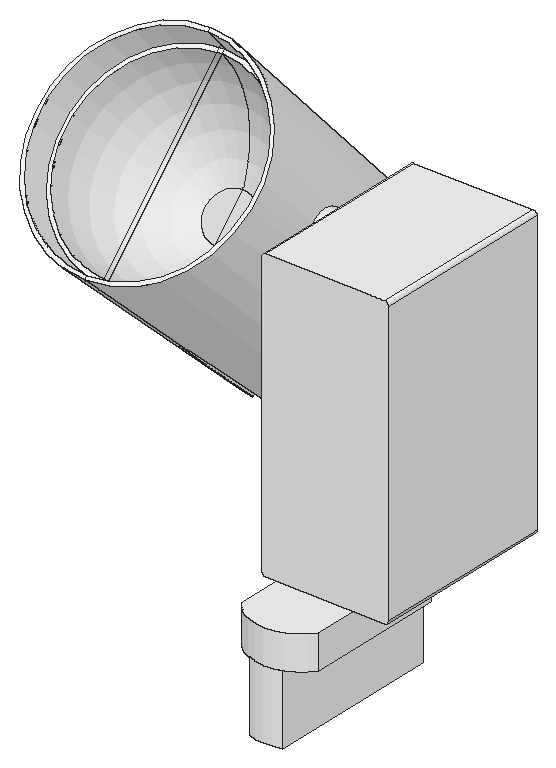
Revit family "0004859 Feilo Sylvania Lighting Fixture START TRACK SPOT S 14W 3K RA90 NB WHITE", category Lighting Fixtures, host Face, Revit 2017
Family settings
  Host = Face
  Round Connector Dimension = Use Diameter
  Part Type = Normal
  OmniClass Number = 23.80.70.00
  OmniClass Title = Lighting
  Cut with Voids When Loaded = No
  Light Source = No
  Shared = No
  Room Calculation Point = No
Parameters (values of type "0004859 START TRACK SPOT S 14W 3K RA90 NB WHITE")
  Weight = "0.94 kg"
  Wattage Comments = ""
  WarrantyStartDate [instance] = "n/a"
  WarrantyGuarantorParts = "n/a"
  WarrantyDurationUnit = "n/a"
  WarrantyDurationParts = "n/a"
  WarrantyDescription = "n/a"
  Voltage = 230 V
  URL = "http://www.sylvania-lighting.com"
  TypeName = "START TRACK SPOT S 14W 3K RA90 NB WHITE"
  TypeHead_FEILO = Start Track Spot Head : 0004859 START TRACK SPOT S 14W 3K RA90 NB WHITE
  TypeBox_FEILO = Start Track Spot Box : Type Small White
  Type Image = <None>
  Type Comments = "n/a"
  VerticalRotation_FEILO [instance] = 0.00°
  SlideEndAngle_FEILO [instance] = VerticalRotation_FEILO + 180.00°  # 180.00°
  SerialNumber [instance] = "n/a"
  Material_3_FEILO = none
  PowerFactor = 0.92
  PowerConsumption = "14 W"
  NominalLength = 0 mm
  NominalHeight = 200 mm
  NominalDepth = 140 mm
  Name = "START TRACK SPOT S 14W 3K RA90 NB WHITE"
  ModelReference = Name  # "START TRACK SPOT S 14W 3K RA90 NB WHITE"
  ModelNumber = "0004859"
  Model = Name  # "START TRACK SPOT S 14W 3K RA90 NB WHITE"
  Material = "adc12 aluminium housing, polycarbonate diffuser"
  ManufacturerName = "Feilo Sylvania"
  Manufacturer = "Feilo Sylvania"
  LuminousEfficacy = "92 lm/W"
  LuminaireType = ""
  LightOutputRatio = "100"
  LampsType = Lamp  # "LED"
  LampNominalLuminous = "1284 lm"
  LampMacAdamStep = "3"
  LampColourTemperature = "3000 K"
  LampColourRenderingIndex = "90"
  Lamp = "LED"
  Keynote = "16500"
  InstallationDate [instance] = "n/a"
  InputVoltage = "230-240V~"
  InputNominalFrequency = "50/60 Hz"
  IngressProtection = "IP20"
  ImpactProtectionIndex = "IK02"
  IfcExportType = "IfcLightFixtureType"
  IfcExportAs = "IfcLightFixtureType"
  HorizontalRotation_FEILO [instance] = 45.00°
  ExpectedLife = 50000
  ElectricShockClassification = "Class II"
  DurationUnit = "hours"
  DocumentationLiterature = "http://www.sylvania-lighting.com/product/en-int/products/0004859"
  DimmingControlOptions = "Non dimmable"
  Material_2_FEILO = none
  Description = "Integrated LED spotlight, Textured White - RAL9016, compact and minimalist design, ideal for retail applications, die-cast aluminium body, passive cooling heatsink. Beam angle: 12°, color temperature: 3000K , total system power: 14W, total fixture output: 1284 lm, LOR: 100%, colour rendering: Ra: 90 typical, LED Chromaticity: 3 step MacAdam ellipse, lifetime: >50000 hours at L70B50, energy class: A++, A+, A, IR/UV free light source without heat radiation, operating voltage: 220-240V / 50-60Hz, drive current: 350mA, electronic driver, non-dimmable, power factor: 0.92, electrical protection: Class II, Global Track 3 Phase adapter suitable for Global trac 3-circuit tracks, ingress protection rating: IP20, suitable for internal environment only, horizontal rotation: 355°, vertical tilt: 90°, dimensions: Ø86x140x200, weight: 0.940kg."
  Default Elevation = 1219.2 mm
  CreatedOn = "12/12/2017"
  CreatedBy = ""
  Cost = 0
  built-in parameter 1114216 [instance] = (empty or 0)
  ClassificationValue = "EF_70_80"
  ClassificationName = "Uniclass2015"
  Material_1_FEILO = Body-Sylvania-StartTrackSpot-White
  BarCode [instance] = "n/a"
  AssetType = "Fixed"
  AssetIdentifier [instance] = "n/a"
  Assembly Code = "D5020200"
  Apparent Load = 14 VA
  Material_4_FEILO = none
Reference planes
  plane 1 "Center (Front/Back)": y = 0
  plane 2: z = 0
  plane 3 "Center (Left/Right)": x = 0
  plane 4: x = 15
  plane 5: x = -15
  plane 6: y = 35
  plane 7: y = -35
  plane 8: z = 13
  plane 9: z = -27
  plane 10: x = 6.5
  plane 11: x = -6.5
  plane 12: y = 27
  plane 13: y = -27
  plane 14: y = 20
Forms (mm)
  Extrusion 1, solid, material "Body-Sylvania-StartTrackSpot-White" <- "Material_1_FEILO"
    sketch origin (0, 0, 0) x (1, 0, 0) y (0, 1, 0)
      loop
        line (-15, 27) -> (-15, -27)
        arc (-15, -27) -> (0, -35) -> (15, -27) r 18.062
        line (15, -27) -> (15, 27)
        arc (15, 27) -> (0, 35) -> (-15, 27) r 18.062
    from 0 to 13
  Extrusion 2, solid, material "Body-Sylvania-StartTrackSpot-White" <- "Material_1_FEILO"
    sketch origin (0, 0, 0) x (1, 0, 0) y (0, 1, 0)
      loop
        arc (6.5, 33.79) -> (0, 35) -> (-6.5, 33.79) r 18.062
        line (-6.5, 33.79) -> (-6.5, -33.79)
        arc (-6.5, -33.79) -> (0, -35) -> (6.5, -33.79) r 18.062
        line (6.5, -33.79) -> (6.5, 33.79)
    from 0 to -27
  Revolve 3, solid, not visible
    sketch origin (1524, 20, 1219.2) x (1, 0, 0) y (0, 0, 1)
      loop
        line (-1524, -1206.2) -> (-1524, -1191.285) -> (-1530.5, -1191.285) -> (-1530.5, -1206.2) -> (-1524, -1206.2)
      axis (-1524, -1191.285) -> (-1524, -1206.2)
    angle from 0 <- "VerticalRotation_FEILO" to 180 <- "SlideEndAngle_FEILO"
Cuts and joins
  joined: Extrusion 1, Extrusion 2
Dimensions and locks
  equal spacing: plane 10, plane 3 "Center (Left/Right)", plane 11
  equal spacing: plane 4, plane 3 "Center (Left/Right)", plane 5
  locked: plane 8 to plane 2 at 13
  locked: plane 8 to plane 9 at 40
  equal spacing: plane 13, plane 1 "Center (Front/Back)", plane 12
  locked: plane 12 to plane 6 at 8
  locked: plane 14 to plane 6 at 15
  locked: Revolve 3 sketch curve to plane 8 at 14.915
  aligned and locked: plane 2 to host face
  aligned and locked: level to host face
  aligned and locked: plane 5 to Extrusion 1 sketch curve  (x2)
  aligned and locked: plane 12 to Extrusion 1 sketch curve
  aligned and locked: plane 13 to Extrusion 1 sketch curve
  aligned and locked: plane 4 to Extrusion 1 sketch curve
  aligned and locked: Extrusion 1 to plane 8
  aligned and locked: Extrusion 1 to level
  aligned and locked: Extrusion 2 sketch curve to Extrusion 1  (x2)
  aligned and locked: Extrusion 2 sketch curve to plane 11
  aligned and locked: plane 10 to Extrusion 2 sketch curve
  aligned and locked: plane 9 to Extrusion 2
  aligned and locked: level to Extrusion 2
  aligned and locked: Revolve 3 sketch curve to plane 3 "Center (Left/Right)"  (x2)
  aligned and locked: plane 11 to Revolve 3 sketch curve
  aligned and locked: Revolve 3 sketch curve to plane 8
Automatic sketch dimensions
  host sketch curve to host sketch curve = 2438.4 mm  (x2)
  Extrusion 1 sketch curve to plane 3 "Center (Left/Right)" = 0 mm  (x2)
  Extrusion 1 sketch curve to plane 13 = 10.062 mm
  plane 12 to Extrusion 1 sketch curve = 10.062 mm
  Revolve 3 sketch curve to plane 3 "Center (Left/Right)" = 0 mm
  plane 9 to Revolve 3 sketch curve = 582.6 mm
  Revolve 3 sketch curve to Revolve 3 sketch curve = 2581.144 mm
Nested families
  nested 1: "Start Track Spot Head" at (-62, 20, 112.529) x (0, 0.7071, 0.7071) z (0, 0.7071, -0.7071), type <- "TypeHead_FEILO", type "0004859 START TRACK SPOT S 14W 3K RA90 NB WHITE"
    with built-in parameter 1114216 (empty or 0)
  nested 2: "Start Track Spot Box" at (8.5, 20, 73) x (-1, 0, 0) z (0, -1, 0), BoxStartAngle_FEILO <- "HorizontalRotation_FEILO", type <- "TypeBox_FEILO", type "Type Small White"
    with BoxStartAngle_FEILO 45.00°, BoxEndAngle_FEILO -135.00°
Connectors
  electrical at (0, 0, 0), driven by "Apparent Load", driven by "PowerFactor", driven by "Voltage"
    settings: index 1, voltage 230 V, apparent load 14 VA, apparent load phase1 0 VA, apparent load phase2 0 VA, apparent load phase3 0 VA, power factor 0.92, load classification "Lighting", number of poles 1, system type 30, power factor state 1, is connector primary yes, connector utility no, sub classification motor no, connector description ""
Definition of nested family "Start Track Spot Head"
  Parameters (values of type "0004811 START TRACK SPOT S 14W 3K RA80 NB WHITE")
    Wattage Comments = "n/a"
    Wattage = 14 W
    built-in parameter 1150110 = 1 (stored number, unit not read)
    URL = "http://www.feilosylvania.com"
    Type Image = (empty or 0)
    Type Comments = "n/a"
    built-in parameter 1114217 = 1 (stored number, unit not read)
    Tilt Angle = -90.00°
    built-in parameter 1150109 = 1 (stored number, unit not read)
    built-in parameter 1150134 = (empty or 0)
    built-in parameter 1150113 = 1 (stored number, unit not read)
    Photometric Web File = "0004811.ies"
    Material_3_FEILO = none
    Model = "START TRACK SPOT S 14W 3K RA80 NB WHITE"
    Manufacturer = "Feilo Sylvania"
    built-in parameter 1150105 = 123.66 (stored number, unit not read)
    Lumens = 1554 lm
    built-in parameter 1150115 = 1 (stored number, unit not read)
    built-in parameter 1150137 = (empty or 0)
    built-in parameter 1150139 = (empty or 0)
    built-in parameter 1150112 = 1 (stored number, unit not read)
    built-in parameter 1150114 = 1 (stored number, unit not read)
    Lamp = "LED"
    Keynote = "16500"
    Material_2_FEILO = none
    built-in parameter 1150132 = (empty or 0)
    built-in parameter 1150102 = (empty or 0)
    built-in parameter 1150107 = 3000 (stored number, unit not read)
    built-in parameter 1150138 = (empty or 0)
    built-in parameter 1150106 = 1.2366 (stored number, unit not read)
    HeadThickness_FEILO = if(HeadDiaOut_FEILO > 112 mm, 2 mm, 1.5 mm)  # 1.5 mm
    HeadRibOffset_FEILO = HeadHeight_FEILO / 28  # 4.179 mm
    HeadRibDepth_FEILO = HeadHeight_FEILO / 2.1  # 55.714 mm
    HeadRibCutWidth_FEILO = HeadDiaOut_FEILO / 12  # 7.167 mm
    HeadRibCutOffset_FEILO = HeadHeight_FEILO / 2.3  # 50.87 mm
    HeadReflectorRadius_FEILO = HeadDiaOut_FEILO / 1.7  # 50.588 mm
    HeadReflectorOffset_FEILO = HeadHeight_FEILO / 2.1  # 55.714 mm
    HeadLEDRadius_FEILO = HeadDiaOut_FEILO / 9  # 9.556 mm
    HeadHeight_FEILO = 117 mm
    HeadDraft_FEILO = 1 mm
    HeadDiffusorThickness_FEILO = 3 mm
    HeadDiffusorOffset_FEILO = HeadHeight_FEILO / 12.4  # 9.435 mm
    HeadDiaOut_FEILO = 86 mm
    HeadDiaIn_FEILO = HeadDiaOut_FEILO / 1.11  # 77.477 mm
    HeadAxisFromTop_FEILO = HeadHeight_FEILO / 1.687  # 69.354 mm
    Emit from Circle Diameter = HeadDiaIn_FEILO  # 77.477 mm
    Emit Shape Visible in Rendering = no
    built-in parameter 1150104 = 10.312 (stored number, unit not read)
    Dimming Lamp Color Temperature Shift = (empty or 0)
    Description = "Integrated LED spotlight, Textured White - RAL9016, compact and minimalist design, ideal for retail applications, die-cast aluminium body, passive cooling heatsink. Beam angle: 12°, color temperature: 3000K , total system power: 14W, total fixture output: 1551 lm, LOR: 100%, colour rendering: Ra: 80 typical, LED Chromaticity: 3 step MacAdam ellipse, lifetime: >50000 hours at L70B50, energy class: A++, A+, A, IR/UV free light source without heat radiation, operating voltage: 220-240V / 50-60Hz, drive current: 350mA, electronic driver, non-dimmable, power factor: 0.92, electrical protection: Class II, Global Track 3 Phase adapter suitable for Global trac 3-circuit tracks, ingress protection rating: IP20, suitable for internal environment only, horizontal rotation: 355°, vertical tilt: 90°, dimensions: Ø86x140x200, weight: 0.940kg."
    Default Elevation = 1219.2 mm
    Cost = 0
    Color Filter = 16777215
    built-in parameter 1114216 [instance] = (empty or 0)
    Material_1_FEILO = none
    built-in parameter 1114218 = 1 (stored number, unit not read)
    built-in parameter 1150133 = 10 (stored number, unit not read)
    Assembly Code = "D5020200"
    Apparent Load = 14 VA
    Material_4_FEILO = none
  Types (96, lengths in mm): name | Wattage | built-in parameter 1150134 | Photometric Web File | Model | built-in parameter 1150105 | Lumens | built-in parameter 1150107 | built-in parameter 1150106 | HeadThickness_FEILO | HeadRibOffset_FEILO | HeadRibDepth_FEILO | HeadRibCutWidth_FEILO | HeadRibCutOffset_FEILO | HeadReflectorRadius_FEILO | HeadReflectorOffset_FEILO | HeadLEDRadius_FEILO | HeadHeight_FEILO | HeadDiffusorOffset_FEILO | HeadDiaOut_FEILO | HeadDiaIn_FEILO | HeadAxisFromTop_FEILO | Emit from Circle Diameter | built-in parameter 1150104 | Description | Apparent Load
    0004906 START TRACK SPOT L 55W 4K RA90 WB BLACK | 55 W | 12 | "0004906.ies" | "START TRACK SPOT L 55W 4K RA90 WB BLACK" | 385.15 (stored number, unit not read) | 4840 lm | 4000 (stored number, unit not read) | 3.8515 (stored number, unit not read) | 2 | 4.429 | 59.048 | 9.417 | 53.913 | 66.471 | 59.048 | 12.556 | 124 | 10 | 113 | 101.802 | 73.503 | 101.802 | 8.1755 (stored number, unit not read) | "Integrated LED spotlight, Textured Black - RAL9005, compact and minimalist design, ideal for retail applications, die-cast aluminium body, passive cooling heatsink. Beam angle: 52°, color temperature: 4000K , total system power: 55W, total fixture output: 4824 lm, LOR: 100%, colour rendering: Ra: 90 typical, LED Chromaticity: 3 step MacAdam ellipse, lifetime: >50000 hours at L70B50, energy class: A++, A+, A, IR/UV free light source without heat radiation, operating voltage: 220-240V / 50-60Hz, drive current: 1400mA, electronic driver, non-dimmable, power factor: 0.96, electrical protection: Class II, Global Track 3 Phase adapter suitable for Global trac 3-circuit tracks, ingress protection rating: IP20, suitable for internal environment only, horizontal rotation: 355°, vertical tilt: 90°, dimensions: Ø113x164x240, weight: 1.398kg." | 55 VA
    0004905 START TRACK SPOT L 55W 4K RA90 MB BLACK | 55 W | 12 | "0004905.ies" | "START TRACK SPOT L 55W 4K RA90 MB BLACK" | 389.53 (stored number, unit not read) | 4895 lm | 4000 (stored number, unit not read) | 3.8953 (stored number, unit not read) | 2 | 4.429 | 59.048 | 9.417 | 53.913 | 66.471 | 59.048 | 12.556 | 124 | 10 | 113 | 101.802 | 73.503 | 101.802 | 8.2684 (stored number, unit not read) | "Integrated LED spotlight, Textured Black - RAL9005, compact and minimalist design, ideal for retail applications, die-cast aluminium body, passive cooling heatsink. Beam angle: 38°, color temperature: 4000K , total system power: 55W, total fixture output: 4897 lm, LOR: 100%, colour rendering: Ra: 90 typical, LED Chromaticity: 3 step MacAdam ellipse, lifetime: >50000 hours at L70B50, energy class: A++, A+, A, IR/UV free light source without heat radiation, operating voltage: 220-240V / 50-60Hz, drive current: 1400mA, electronic driver, non-dimmable, power factor: 0.96, electrical protection: Class II, Global Track 3 Phase adapter suitable for Global trac 3-circuit tracks, ingress protection rating: IP20, suitable for internal environment only, horizontal rotation: 355°, vertical tilt: 90°, dimensions: Ø113x164x240, weight: 1.398kg." | 55 VA
    0004904 START TRACK SPOT L 55W 4K RA90 NB BLACK | 55 W | 12 | "0004904.ies" | "START TRACK SPOT L 55W 4K RA90 NB BLACK" | 393.91 (stored number, unit not read) | 4950 lm | 4000 (stored number, unit not read) | 3.9391 (stored number, unit not read) | 2 | 4.429 | 59.048 | 9.417 | 53.913 | 66.471 | 59.048 | 12.556 | 124 | 10 | 113 | 101.802 | 73.503 | 101.802 | 8.3613 (stored number, unit not read) | "Integrated LED spotlight, Textured Black - RAL9005, compact and minimalist design, ideal for retail applications, die-cast aluminium body, passive cooling heatsink. Beam angle: 15°, color temperature: 4000K , total system power: 55W, total fixture output: 4965 lm, LOR: 100%, colour rendering: Ra: 90 typical, LED Chromaticity: 3 step MacAdam ellipse, lifetime: >50000 hours at L70B50, energy class: A++, A+, A, IR/UV free light source without heat radiation, operating voltage: 220-240V / 50-60Hz, drive current: 1400mA, electronic driver, non-dimmable, power factor: 0.96, electrical protection: Class II, Global Track 3 Phase adapter suitable for Global trac 3-circuit tracks, ingress protection rating: IP20, suitable for internal environment only, horizontal rotation: 355°, vertical tilt: 90°, dimensions: Ø113x164x240, weight: 1.398kg." | 55 VA
    0004903 START TRACK SPOT L 35W 4K RA90 WB BLACK | 35 W | 12 | "0004903.ies" | "START TRACK SPOT L 35W 4K RA90 WB BLACK" | 284.09 (stored number, unit not read) | 3570 lm | 4000 (stored number, unit not read) | 2.8409 (stored number, unit not read) | 2 | 4.429 | 59.048 | 9.417 | 53.913 | 66.471 | 59.048 | 12.556 | 124 | 10 | 113 | 101.802 | 73.503 | 101.802 | 9.4761 (stored number, unit not read) | "Integrated LED spotlight, Textured Black - RAL9005, compact and minimalist design, ideal for retail applications, die-cast aluminium body, passive cooling heatsink. Beam angle: 52°, color temperature: 4000K , total system power: 35W, total fixture output: 3562 lm, LOR: 100%, colour rendering: Ra: 90 typical, LED Chromaticity: 3 step MacAdam ellipse, lifetime: >50000 hours at L70B50, energy class: A++, A+, A, IR/UV free light source without heat radiation, operating voltage: 220-240V / 50-60Hz, drive current: 900mA, electronic driver, non-dimmable, power factor: 0.93, electrical protection: Class II, Global Track 3 Phase adapter suitable for Global trac 3-circuit tracks, ingress protection rating: IP20, suitable for internal environment only, horizontal rotation: 355°, vertical tilt: 90°, dimensions: Ø113x164x240, weight: 1.368kg." | 35 VA
    0004902 START TRACK SPOT L 35W 4K RA90 MB BLACK | 35 W | 12 | "0004902.ies" | "START TRACK SPOT L 35W 4K RA90 MB BLACK" | 286.88 (stored number, unit not read) | 3605 lm | 4000 (stored number, unit not read) | 2.8688 (stored number, unit not read) | 2 | 4.429 | 59.048 | 9.417 | 53.913 | 66.471 | 59.048 | 12.556 | 124 | 10 | 113 | 101.802 | 73.503 | 101.802 | 9.569 (stored number, unit not read) | "Integrated LED spotlight, Textured Black - RAL9005, compact and minimalist design, ideal for retail applications, die-cast aluminium body, passive cooling heatsink. Beam angle: 38°, color temperature: 4000K , total system power: 35W, total fixture output: 3616 lm, LOR: 100%, colour rendering: Ra: 90 typical, LED Chromaticity: 3 step MacAdam ellipse, lifetime: >50000 hours at L70B50, energy class: A++, A+, A, IR/UV free light source without heat radiation, operating voltage: 220-240V / 50-60Hz, drive current: 900mA, electronic driver, non-dimmable, power factor: 0.93, electrical protection: Class II, Global Track 3 Phase adapter suitable for Global trac 3-circuit tracks, ingress protection rating: IP20, suitable for internal environment only, horizontal rotation: 355°, vertical tilt: 90°, dimensions: Ø113x164x240, weight: 1.368kg." | 35 VA
    0004901 START TRACK SPOT L 35W 4K RA90 NB BLACK | 35 W | 12 | "0004901.ies" | "START TRACK SPOT L 35W 4K RA90 NB BLACK" | 286.88 (stored number, unit not read) | 3605 lm | 4000 (stored number, unit not read) | 2.8688 (stored number, unit not read) | 2 | 4.429 | 59.048 | 9.417 | 53.913 | 66.471 | 59.048 | 12.556 | 124 | 10 | 113 | 101.802 | 73.503 | 101.802 | 9.569 (stored number, unit not read) | "Integrated LED spotlight, Textured Black - RAL9005, compact and minimalist design, ideal for retail applications, die-cast aluminium body, passive cooling heatsink. Beam angle: 15°, color temperature: 4000K , total system power: 35W, total fixture output: 3593 lm, LOR: 100%, colour rendering: Ra: 90 typical, LED Chromaticity: 3 step MacAdam ellipse, lifetime: >50000 hours at L70B50, energy class: A++, A+, A, IR/UV free light source without heat radiation, operating voltage: 220-240V / 50-60Hz, drive current: 900mA, electronic driver, non-dimmable, power factor: 0.93, electrical protection: Class II, Global Track 3 Phase adapter suitable for Global trac 3-circuit tracks, ingress protection rating: IP20, suitable for internal environment only, horizontal rotation: 355°, vertical tilt: 90°, dimensions: Ø113x164x240, weight: 1.368kg." | 35 VA
    0004900 START TRACK SPOT S 24W 4K RA90 WB BLACK | 24 W | 12 | "0004900.ies" | "START TRACK SPOT S 24W 4K RA90 WB BLACK" | 166.16 (stored number, unit not read) | 2088 lm | 4000 (stored number, unit not read) | 1.6616 (stored number, unit not read) | 1.5 | 4.179 | 55.714 | 7.167 | 50.87 | 50.588 | 55.714 | 9.556 | 117 | 9.435 | 86 | 77.477 | 69.354 | 77.477 | 8.0826 (stored number, unit not read) | "Integrated LED spotlight, Textured Black - RAL9005, compact and minimalist design, ideal for retail applications, die-cast aluminium body, passive cooling heatsink. Beam angle: 64°, color temperature: 4000K , total system power: 24W, total fixture output: 2087 lm, LOR: 100%, colour rendering: Ra: 90 typical, LED Chromaticity: 3 step MacAdam ellipse, lifetime: >50000 hours at L70B50, energy class: A++, A+, A, IR/UV free light source without heat radiation, operating voltage: 220-240V / 50-60Hz, drive current: 600mA, electronic driver, non-dimmable, power factor: 0.95, electrical protection: Class II, Global Track 3 Phase adapter suitable for Global trac 3-circuit tracks, ingress protection rating: IP20, suitable for internal environment only, horizontal rotation: 355°, vertical tilt: 90°, dimensions: Ø86x140x200, weight: 0.966kg." | 24 VA
    0004899 START TRACK SPOT S 24W 4K RA90 MB BLACK | 24 W | 12 | "0004899.ies" | "START TRACK SPOT S 24W 4K RA90 MB BLACK" | 169.98 (stored number, unit not read) | 2136 lm | 4000 (stored number, unit not read) | 1.6998 (stored number, unit not read) | 1.5 | 4.179 | 55.714 | 7.167 | 50.87 | 50.588 | 55.714 | 9.556 | 117 | 9.435 | 86 | 77.477 | 69.354 | 77.477 | 8.2684 (stored number, unit not read) | "Integrated LED spotlight, Textured Black - RAL9005, compact and minimalist design, ideal for retail applications, die-cast aluminium body, passive cooling heatsink. Beam angle: 36°, color temperature: 4000K , total system power: 24W, total fixture output: 2141 lm, LOR: 100%, colour rendering: Ra: 90 typical, LED Chromaticity: 3 step MacAdam ellipse, lifetime: >50000 hours at L70B50, energy class: A++, A+, A, IR/UV free light source without heat radiation, operating voltage: 220-240V / 50-60Hz, drive current: 600mA, electronic driver, non-dimmable, power factor: 0.95, electrical protection: Class II, Global Track 3 Phase adapter suitable for Global trac 3-circuit tracks, ingress protection rating: IP20, suitable for internal environment only, horizontal rotation: 355°, vertical tilt: 90°, dimensions: Ø86x140x200, weight: 0.966kg." | 24 VA
    0004898 START TRACK SPOT S 24W 4K RA90 NB BLACK | 24 W | 12 | "0004898.ies" | "START TRACK SPOT S 24W 4K RA90 NB BLACK" | 171.89 (stored number, unit not read) | 2160 lm | 4000 (stored number, unit not read) | 1.7189 (stored number, unit not read) | 1.5 | 4.179 | 55.714 | 7.167 | 50.87 | 50.588 | 55.714 | 9.556 | 117 | 9.435 | 86 | 77.477 | 69.354 | 77.477 | 8.3613 (stored number, unit not read) | "Integrated LED spotlight, Textured Black - RAL9005, compact and minimalist design, ideal for retail applications, die-cast aluminium body, passive cooling heatsink. Beam angle: 12°, color temperature: 4000K , total system power: 24W, total fixture output: 2155 lm, LOR: 100%, colour rendering: Ra: 90 typical, LED Chromaticity: 3 step MacAdam ellipse, lifetime: >50000 hours at L70B50, energy class: A++, A+, A, IR/UV free light source without heat radiation, operating voltage: 220-240V / 50-60Hz, drive current: 600mA, electronic driver, non-dimmable, power factor: 0.95, electrical protection: Class II, Global Track 3 Phase adapter suitable for Global trac 3-circuit tracks, ingress protection rating: IP20, suitable for internal environment only, horizontal rotation: 355°, vertical tilt: 90°, dimensions: Ø86x140x200, weight: 0.966kg." | 24 VA
    0004897 START TRACK SPOT S 14W 4K RA90 WB BLACK | 14 W | 12 | "0004897.ies" | "START TRACK SPOT S 14W 4K RA90 WB BLACK" | 108.07 (stored number, unit not read) | 1358 lm | 4000 (stored number, unit not read) | 1.0807 (stored number, unit not read) | 1.5 | 4.179 | 55.714 | 7.167 | 50.87 | 50.588 | 55.714 | 9.556 | 117 | 9.435 | 86 | 77.477 | 69.354 | 77.477 | 9.0116 (stored number, unit not read) | "Integrated LED spotlight, Textured Black - RAL9005, compact and minimalist design, ideal for retail applications, die-cast aluminium body, passive cooling heatsink. Beam angle: 64°, color temperature: 4000K , total system power: 14W, total fixture output: 1352 lm, LOR: 100%, colour rendering: Ra: 90 typical, LED Chromaticity: 3 step MacAdam ellipse, lifetime: >50000 hours at L70B50, energy class: A++, A+, A, IR/UV free light source without heat radiation, operating voltage: 220-240V / 50-60Hz, drive current: 350mA, electronic driver, non-dimmable, power factor: 0.92, electrical protection: Class II, Global Track 3 Phase adapter suitable for Global trac 3-circuit tracks, ingress protection rating: IP20, suitable for internal environment only, horizontal rotation: 355°, vertical tilt: 90°, dimensions: Ø86x140x200, weight: 0.940kg." | 14 VA
    0004896 START TRACK SPOT S 14W 4K RA90 MB BLACK | 14 W | 12 | "0004896.ies" | "START TRACK SPOT S 14W 4K RA90 MB BLACK" | 108.07 (stored number, unit not read) | 1358 lm | 4000 (stored number, unit not read) | 1.0807 (stored number, unit not read) | 1.5 | 4.179 | 55.714 | 7.167 | 50.87 | 50.588 | 55.714 | 9.556 | 117 | 9.435 | 86 | 77.477 | 69.354 | 77.477 | 9.0116 (stored number, unit not read) | "Integrated LED spotlight, Textured Black - RAL9005, compact and minimalist design, ideal for retail applications, die-cast aluminium body, passive cooling heatsink. Beam angle: 36°, color temperature: 4000K , total system power: 14W, total fixture output: 1359 lm, LOR: 100%, colour rendering: Ra: 90 typical, LED Chromaticity: 3 step MacAdam ellipse, lifetime: >50000 hours at L70B50, energy class: A++, A+, A, IR/UV free light source without heat radiation, operating voltage: 220-240V / 50-60Hz, drive current: 350mA, electronic driver, non-dimmable, power factor: 0.92, electrical protection: Class II, Global Track 3 Phase adapter suitable for Global trac 3-circuit tracks, ingress protection rating: IP20, suitable for internal environment only, horizontal rotation: 355°, vertical tilt: 90°, dimensions: Ø86x140x200, weight: 0.940kg." | 14 VA
    0004895 START TRACK SPOT S 14W 4K RA90 NB BLACK | 14 W | 12 | "0004895.ies" | "START TRACK SPOT S 14W 4K RA90 NB BLACK" | 106.95 (stored number, unit not read) | 1344 lm | 4000 (stored number, unit not read) | 1.0695 (stored number, unit not read) | 1.5 | 4.179 | 55.714 | 7.167 | 50.87 | 50.588 | 55.714 | 9.556 | 117 | 9.435 | 86 | 77.477 | 69.354 | 77.477 | 8.9187 (stored number, unit not read) | "Integrated LED spotlight, Textured Black - RAL9005, compact and minimalist design, ideal for retail applications, die-cast aluminium body, passive cooling heatsink. Beam angle: 12°, color temperature: 4000K , total system power: 14W, total fixture output: 1349 lm, LOR: 100%, colour rendering: Ra: 90 typical, LED Chromaticity: 3 step MacAdam ellipse, lifetime: >50000 hours at L70B50, energy class: A++, A+, A, IR/UV free light source without heat radiation, operating voltage: 220-240V / 50-60Hz, drive current: 350mA, electronic driver, non-dimmable, power factor: 0.92, electrical protection: Class II, Global Track 3 Phase adapter suitable for Global trac 3-circuit tracks, ingress protection rating: IP20, suitable for internal environment only, horizontal rotation: 355°, vertical tilt: 90°, dimensions: Ø86x140x200, weight: 0.940kg." | 14 VA
    0004894 START TRACK SPOT L 55W 3K RA90 WB BLACK | 55 W | (empty or 0) | "0004894.ies" | "START TRACK SPOT L 55W 3K RA90 WB BLACK" | 350.14 (stored number, unit not read) | 4400 lm | 3000 (stored number, unit not read) | 3.5014 (stored number, unit not read) | 2 | 4.429 | 59.048 | 9.417 | 53.913 | 66.471 | 59.048 | 12.556 | 124 | 10 | 113 | 101.802 | 73.503 | 101.802 | 7.4322 (stored number, unit not read) | "Integrated LED spotlight, Textured Black - RAL9005, compact and minimalist design, ideal for retail applications, die-cast aluminium body, passive cooling heatsink. Beam angle: 52°, color temperature: 3000K , total system power: 55W, total fixture output: 4405 lm, LOR: 100%, colour rendering: Ra: 90 typical, LED Chromaticity: 3 step MacAdam ellipse, lifetime: >50000 hours at L70B50, energy class: A++, A+, A, IR/UV free light source without heat radiation, operating voltage: 220-240V / 50-60Hz, drive current: 1400mA, electronic driver, non-dimmable, power factor: 0.96, electrical protection: Class II, Global Track 3 Phase adapter suitable for Global trac 3-circuit tracks, ingress protection rating: IP20, suitable for internal environment only, horizontal rotation: 355°, vertical tilt: 90°, dimensions: Ø113x164x240, weight: 1.398kg." | 55 VA
    0004893 START TRACK SPOT L 55W 3K RA90 MB BLACK | 55 W | (empty or 0) | "0004893.ies" | "START TRACK SPOT L 55W 3K RA90 MB BLACK" | 354.52 (stored number, unit not read) | 4455 lm | 3000 (stored number, unit not read) | 3.5452 (stored number, unit not read) | 2 | 4.429 | 59.048 | 9.417 | 53.913 | 66.471 | 59.048 | 12.556 | 124 | 10 | 113 | 101.802 | 73.503 | 101.802 | 7.5251 (stored number, unit not read) | "Integrated LED spotlight, Textured Black - RAL9005, compact and minimalist design, ideal for retail applications, die-cast aluminium body, passive cooling heatsink. Beam angle: 38°, color temperature: 3000K , total system power: 55W, total fixture output: 4448 lm, LOR: 100%, colour rendering: Ra: 90 typical, LED Chromaticity: 3 step MacAdam ellipse, lifetime: >50000 hours at L70B50, energy class: A++, A+, A, IR/UV free light source without heat radiation, operating voltage: 220-240V / 50-60Hz, drive current: 1400mA, electronic driver, non-dimmable, power factor: 0.96, electrical protection: Class II, Global Track 3 Phase adapter suitable for Global trac 3-circuit tracks, ingress protection rating: IP20, suitable for internal environment only, horizontal rotation: 355°, vertical tilt: 90°, dimensions: Ø113x164x240, weight: 1.398kg." | 55 VA
    0004892 START TRACK SPOT L 55W 3K RA90 NB BLACK | 55 W | (empty or 0) | "0004892.ies" | "START TRACK SPOT L 55W 3K RA90 NB BLACK" | 350.14 (stored number, unit not read) | 4400 lm | 3000 (stored number, unit not read) | 3.5014 (stored number, unit not read) | 2 | 4.429 | 59.048 | 9.417 | 53.913 | 66.471 | 59.048 | 12.556 | 124 | 10 | 113 | 101.802 | 73.503 | 101.802 | 7.4322 (stored number, unit not read) | "Integrated LED spotlight, Textured Black - RAL9005, compact and minimalist design, ideal for retail applications, die-cast aluminium body, passive cooling heatsink. Beam angle: 15°, color temperature: 3000K , total system power: 55W, total fixture output: 4416 lm, LOR: 100%, colour rendering: Ra: 90 typical, LED Chromaticity: 3 step MacAdam ellipse, lifetime: >50000 hours at L70B50, energy class: A++, A+, A, IR/UV free light source without heat radiation, operating voltage: 220-240V / 50-60Hz, drive current: 1400mA, electronic driver, non-dimmable, power factor: 0.96, electrical protection: Class II, Global Track 3 Phase adapter suitable for Global trac 3-circuit tracks, ingress protection rating: IP20, suitable for internal environment only, horizontal rotation: 355°, vertical tilt: 90°, dimensions: Ø113x164x240, weight: 1.398kg." | 55 VA
    0004891 START TRACK SPOT L 35W 3K RA90 WB BLACK | 35 W | (empty or 0) | "0004891.ies" | "START TRACK SPOT L 35W 3K RA90 WB BLACK" | 259.02 (stored number, unit not read) | 3255 lm | 3000 (stored number, unit not read) | 2.5902 (stored number, unit not read) | 2 | 4.429 | 59.048 | 9.417 | 53.913 | 66.471 | 59.048 | 12.556 | 124 | 10 | 113 | 101.802 | 73.503 | 101.802 | 8.64 (stored number, unit not read) | "Integrated LED spotlight, Textured Black - RAL9005, compact and minimalist design, ideal for retail applications, die-cast aluminium body, passive cooling heatsink. Beam angle: 52°, color temperature: 3000K , total system power: 35W, total fixture output: 3260 lm, LOR: 100%, colour rendering: Ra: 90 typical, LED Chromaticity: 3 step MacAdam ellipse, lifetime: >50000 hours at L70B50, energy class: A++, A+, A, IR/UV free light source without heat radiation, operating voltage: 220-240V / 50-60Hz, drive current: 900mA, electronic driver, non-dimmable, power factor: 0.93, electrical protection: Class II, Global Track 3 Phase adapter suitable for Global trac 3-circuit tracks, ingress protection rating: IP20, suitable for internal environment only, horizontal rotation: 355°, vertical tilt: 90°, dimensions: Ø113x164x240, weight: 1.368kg." | 35 VA
    0004890 START TRACK SPOT L 35W 3K RA90 MB BLACK | 35 W | (empty or 0) | "0004890.ies" | "START TRACK SPOT L 35W 3K RA90 MB BLACK" | 261.81 (stored number, unit not read) | 3290 lm | 3000 (stored number, unit not read) | 2.6181 (stored number, unit not read) | 2 | 4.429 | 59.048 | 9.417 | 53.913 | 66.471 | 59.048 | 12.556 | 124 | 10 | 113 | 101.802 | 73.503 | 101.802 | 8.7329 (stored number, unit not read) | "Integrated LED spotlight, Textured Black - RAL9005, compact and minimalist design, ideal for retail applications, die-cast aluminium body, passive cooling heatsink. Beam angle: 38°, color temperature: 3000K , total system power: 35W, total fixture output: 3306 lm, LOR: 100%, colour rendering: Ra: 90 typical, LED Chromaticity: 3 step MacAdam ellipse, lifetime: >50000 hours at L70B50, energy class: A++, A+, A, IR/UV free light source without heat radiation, operating voltage: 220-240V / 50-60Hz, drive current: 900mA, electronic driver, non-dimmable, power factor: 0.93, electrical protection: Class II, Global Track 3 Phase adapter suitable for Global trac 3-circuit tracks, ingress protection rating: IP20, suitable for internal environment only, horizontal rotation: 355°, vertical tilt: 90°, dimensions: Ø113x164x240, weight: 1.368kg." | 35 VA
    0004889 START TRACK SPOT L 35W 3K RA90 NB BLACK | 35 W | (empty or 0) | "0004889.ies" | "START TRACK SPOT L 35W 3K RA90 NB BLACK" | 261.81 (stored number, unit not read) | 3290 lm | 3000 (stored number, unit not read) | 2.6181 (stored number, unit not read) | 2 | 4.429 | 59.048 | 9.417 | 53.913 | 66.471 | 59.048 | 12.556 | 124 | 10 | 113 | 101.802 | 73.503 | 101.802 | 8.7329 (stored number, unit not read) | "Integrated LED spotlight, Textured Black - RAL9005, compact and minimalist design, ideal for retail applications, die-cast aluminium body, passive cooling heatsink. Beam angle: 15°, color temperature: 3000K , total system power: 35W, total fixture output: 3287 lm, LOR: 100%, colour rendering: Ra: 90 typical, LED Chromaticity: 3 step MacAdam ellipse, lifetime: >50000 hours at L70B50, energy class: A++, A+, A, IR/UV free light source without heat radiation, operating voltage: 220-240V / 50-60Hz, drive current: 900mA, electronic driver, non-dimmable, power factor: 0.93, electrical protection: Class II, Global Track 3 Phase adapter suitable for Global trac 3-circuit tracks, ingress protection rating: IP20, suitable for internal environment only, horizontal rotation: 355°, vertical tilt: 90°, dimensions: Ø113x164x240, weight: 1.368kg." | 35 VA
    0004888 START TRACK SPOT S 24W 3K RA90 WB BLACK | 24 W | (empty or 0) | "0004888.ies" | "START TRACK SPOT S 24W 3K RA90 WB BLACK" | 152.79 (stored number, unit not read) | 1920 lm | 3000 (stored number, unit not read) | 1.5279 (stored number, unit not read) | 1.5 | 4.179 | 55.714 | 7.167 | 50.87 | 50.588 | 55.714 | 9.556 | 117 | 9.435 | 86 | 77.477 | 69.354 | 77.477 | 7.4322 (stored number, unit not read) | "Integrated LED spotlight, Textured Black - RAL9005, compact and minimalist design, ideal for retail applications, die-cast aluminium body, passive cooling heatsink. Beam angle: 64°, color temperature: 3000K , total system power: 24W, total fixture output: 1928 lm, LOR: 100%, colour rendering: Ra: 90 typical, LED Chromaticity: 3 step MacAdam ellipse, lifetime: >50000 hours at L70B50, energy class: A++, A+, A, IR/UV free light source without heat radiation, operating voltage: 220-240V / 50-60Hz, drive current: 600mA, electronic driver, non-dimmable, power factor: 0.95, electrical protection: Class II, Global Track 3 Phase adapter suitable for Global trac 3-circuit tracks, ingress protection rating: IP20, suitable for internal environment only, horizontal rotation: 355°, vertical tilt: 90°, dimensions: Ø86x140x200, weight: 0.966kg." | 24 VA
    0004887 START TRACK SPOT S 24W 3K RA90 MB BLACK | 24 W | (empty or 0) | "0004887.ies" | "START TRACK SPOT S 24W 3K RA90 MB BLACK" | 154.7 (stored number, unit not read) | 1944 lm | 3000 (stored number, unit not read) | 1.547 (stored number, unit not read) | 1.5 | 4.179 | 55.714 | 7.167 | 50.87 | 50.588 | 55.714 | 9.556 | 117 | 9.435 | 86 | 77.477 | 69.354 | 77.477 | 7.5251 (stored number, unit not read) | "Integrated LED spotlight, Textured Black - RAL9005, compact and minimalist design, ideal for retail applications, die-cast aluminium body, passive cooling heatsink. Beam angle: 36°, color temperature: 3000K , total system power: 24W, total fixture output: 1944 lm, LOR: 100%, colour rendering: Ra: 90 typical, LED Chromaticity: 3 step MacAdam ellipse, lifetime: >50000 hours at L70B50, energy class: A++, A+, A, IR/UV free light source without heat radiation, operating voltage: 220-240V / 50-60Hz, drive current: 600mA, electronic driver, non-dimmable, power factor: 0.95, electrical protection: Class II, Global Track 3 Phase adapter suitable for Global trac 3-circuit tracks, ingress protection rating: IP20, suitable for internal environment only, horizontal rotation: 355°, vertical tilt: 90°, dimensions: Ø86x140x200, weight: 0.966kg." | 24 VA
    0004886 START TRACK SPOT S 24W 3K RA90 NB BLACK | 24 W | (empty or 0) | "0004886.ies" | "START TRACK SPOT S 24W 3K RA90 NB BLACK" | 158.52 (stored number, unit not read) | 1992 lm | 3000 (stored number, unit not read) | 1.5852 (stored number, unit not read) | 1.5 | 4.179 | 55.714 | 7.167 | 50.87 | 50.588 | 55.714 | 9.556 | 117 | 9.435 | 86 | 77.477 | 69.354 | 77.477 | 7.711 (stored number, unit not read) | "Integrated LED spotlight, Textured Black - RAL9005, compact and minimalist design, ideal for retail applications, die-cast aluminium body, passive cooling heatsink. Beam angle: 12°, color temperature: 3000K , total system power: 24W, total fixture output: 1987 lm, LOR: 100%, colour rendering: Ra: 90 typical, LED Chromaticity: 3 step MacAdam ellipse, lifetime: >50000 hours at L70B50, energy class: A++, A+, A, IR/UV free light source without heat radiation, operating voltage: 220-240V / 50-60Hz, drive current: 600mA, electronic driver, non-dimmable, power factor: 0.95, electrical protection: Class II, Global Track 3 Phase adapter suitable for Global trac 3-circuit tracks, ingress protection rating: IP20, suitable for internal environment only, horizontal rotation: 355°, vertical tilt: 90°, dimensions: Ø86x140x200, weight: 0.966kg." | 24 VA
    0004885 START TRACK SPOT S 14W 3K RA90 WB BLACK | 14 W | (empty or 0) | "0004885.ies" | "START TRACK SPOT S 14W 3K RA90 WB BLACK" | 100.27 (stored number, unit not read) | 1260 lm | 3000 (stored number, unit not read) | 1.0027 (stored number, unit not read) | 1.5 | 4.179 | 55.714 | 7.167 | 50.87 | 50.588 | 55.714 | 9.556 | 117 | 9.435 | 86 | 77.477 | 69.354 | 77.477 | 8.3613 (stored number, unit not read) | "Integrated LED spotlight, Textured Black - RAL9005, compact and minimalist design, ideal for retail applications, die-cast aluminium body, passive cooling heatsink. Beam angle: 64°, color temperature: 3000K , total system power: 14W, total fixture output: 1262 lm, LOR: 100%, colour rendering: Ra: 90 typical, LED Chromaticity: 3 step MacAdam ellipse, lifetime: >50000 hours at L70B50, energy class: A++, A+, A, IR/UV free light source without heat radiation, operating voltage: 220-240V / 50-60Hz, drive current: 350mA, electronic driver, non-dimmable, power factor: 0.92, electrical protection: Class II, Global Track 3 Phase adapter suitable for Global trac 3-circuit tracks, ingress protection rating: IP20, suitable for internal environment only, horizontal rotation: 355°, vertical tilt: 90°, dimensions: Ø86x140x200, weight: 0.940kg." | 14 VA
    0004884 START TRACK SPOT S 14W 3K RA90 MB BLACK | 14 W | (empty or 0) | "0004884.ies" | "START TRACK SPOT S 14W 3K RA90 MB BLACK" | 100.27 (stored number, unit not read) | 1260 lm | 3000 (stored number, unit not read) | 1.0027 (stored number, unit not read) | 1.5 | 4.179 | 55.714 | 7.167 | 50.87 | 50.588 | 55.714 | 9.556 | 117 | 9.435 | 86 | 77.477 | 69.354 | 77.477 | 8.3613 (stored number, unit not read) | "Integrated LED spotlight, Textured Black - RAL9005, compact and minimalist design, ideal for retail applications, die-cast aluminium body, passive cooling heatsink. Beam angle: 36°, color temperature: 3000K , total system power: 14W, total fixture output: 1262 lm, LOR: 100%, colour rendering: Ra: 90 typical, LED Chromaticity: 3 step MacAdam ellipse, lifetime: >50000 hours at L70B50, energy class: A++, A+, A, IR/UV free light source without heat radiation, operating voltage: 220-240V / 50-60Hz, drive current: 350mA, electronic driver, non-dimmable, power factor: 0.92, electrical protection: Class II, Global Track 3 Phase adapter suitable for Global trac 3-circuit tracks, ingress protection rating: IP20, suitable for internal environment only, horizontal rotation: 355°, vertical tilt: 90°, dimensions: Ø86x140x200, weight: 0.940kg." | 14 VA
    0004883 START TRACK SPOT S 14W 3K RA90 NB BLACK | 14 W | (empty or 0) | "0004883.ies" | "START TRACK SPOT S 14W 3K RA90 NB BLACK" | 102.5 (stored number, unit not read) | 1288 lm | 3000 (stored number, unit not read) | 1.025 (stored number, unit not read) | 1.5 | 4.179 | 55.714 | 7.167 | 50.87 | 50.588 | 55.714 | 9.556 | 117 | 9.435 | 86 | 77.477 | 69.354 | 77.477 | 8.5471 (stored number, unit not read) | "Integrated LED spotlight, Textured Black - RAL9005, compact and minimalist design, ideal for retail applications, die-cast aluminium body, passive cooling heatsink. Beam angle: 12°, color temperature: 3000K , total system power: 14W, total fixture output: 1284 lm, LOR: 100%, colour rendering: Ra: 90 typical, LED Chromaticity: 3 step MacAdam ellipse, lifetime: >50000 hours at L70B50, energy class: A++, A+, A, IR/UV free light source without heat radiation, operating voltage: 220-240V / 50-60Hz, drive current: 350mA, electronic driver, non-dimmable, power factor: 0.92, electrical protection: Class II, Global Track 3 Phase adapter suitable for Global trac 3-circuit tracks, ingress protection rating: IP20, suitable for internal environment only, horizontal rotation: 355°, vertical tilt: 90°, dimensions: Ø86x140x200, weight: 0.940kg." | 14 VA
    0004882 START TRACK SPOT L 55W 4K RA90 WB WHITE | 55 W | 12 | "0004882.ies" | "START TRACK SPOT L 55W 4K RA90 WB WHITE" | 385.15 (stored number, unit not read) | 4840 lm | 4000 (stored number, unit not read) | 3.8515 (stored number, unit not read) | 2 | 4.429 | 59.048 | 9.417 | 53.913 | 66.471 | 59.048 | 12.556 | 124 | 10 | 113 | 101.802 | 73.503 | 101.802 | 8.1755 (stored number, unit not read) | "Integrated LED spotlight, Textured White - RAL9016, compact and minimalist design, ideal for retail applications, die-cast aluminium body, passive cooling heatsink. Beam angle: 52°, color temperature: 4000K , total system power: 55W, total fixture output: 4824 lm, LOR: 100%, colour rendering: Ra: 90 typical, LED Chromaticity: 3 step MacAdam ellipse, lifetime: >50000 hours at L70B50, energy class: A++, A+, A, IR/UV free light source without heat radiation, operating voltage: 220-240V / 50-60Hz, drive current: 1400mA, electronic driver, non-dimmable, power factor: 0.96, electrical protection: Class II, Global Track 3 Phase adapter suitable for Global trac 3-circuit tracks, ingress protection rating: IP20, suitable for internal environment only, horizontal rotation: 355°, vertical tilt: 90°, dimensions: Ø113x164x240, weight: 1.398kg." | 55 VA
    0004881 START TRACK SPOT L 55W 4K RA90 MB WHITE | 55 W | 12 | "0004881.ies" | "START TRACK SPOT L 55W 4K RA90 MB WHITE" | 389.53 (stored number, unit not read) | 4895 lm | 4000 (stored number, unit not read) | 3.8953 (stored number, unit not read) | 2 | 4.429 | 59.048 | 9.417 | 53.913 | 66.471 | 59.048 | 12.556 | 124 | 10 | 113 | 101.802 | 73.503 | 101.802 | 8.2684 (stored number, unit not read) | "Integrated LED spotlight, Textured White - RAL9016, compact and minimalist design, ideal for retail applications, die-cast aluminium body, passive cooling heatsink. Beam angle: 38°, color temperature: 4000K , total system power: 55W, total fixture output: 4897 lm, LOR: 100%, colour rendering: Ra: 90 typical, LED Chromaticity: 3 step MacAdam ellipse, lifetime: >50000 hours at L70B50, energy class: A++, A+, A, IR/UV free light source without heat radiation, operating voltage: 220-240V / 50-60Hz, drive current: 1400mA, electronic driver, non-dimmable, power factor: 0.96, electrical protection: Class II, Global Track 3 Phase adapter suitable for Global trac 3-circuit tracks, ingress protection rating: IP20, suitable for internal environment only, horizontal rotation: 355°, vertical tilt: 90°, dimensions: Ø113x164x240, weight: 1.398kg." | 55 VA
    0004880 START TRACK SPOT L 55W 4K RA90 NB WHITE | 55 W | 12 | "0004880.ies" | "START TRACK SPOT L 55W 4K RA90 NB WHITE" | 393.91 (stored number, unit not read) | 4950 lm | 4000 (stored number, unit not read) | 3.9391 (stored number, unit not read) | 2 | 4.429 | 59.048 | 9.417 | 53.913 | 66.471 | 59.048 | 12.556 | 124 | 10 | 113 | 101.802 | 73.503 | 101.802 | 8.3613 (stored number, unit not read) | "Integrated LED spotlight, Textured White - RAL9016, compact and minimalist design, ideal for retail applications, die-cast aluminium body, passive cooling heatsink. Beam angle: 15°, color temperature: 4000K , total system power: 55W, total fixture output: 4965 lm, LOR: 100%, colour rendering: Ra: 90 typical, LED Chromaticity: 3 step MacAdam ellipse, lifetime: >50000 hours at L70B50, energy class: A++, A+, A, IR/UV free light source without heat radiation, operating voltage: 220-240V / 50-60Hz, drive current: 1400mA, electronic driver, non-dimmable, power factor: 0.96, electrical protection: Class II, Global Track 3 Phase adapter suitable for Global trac 3-circuit tracks, ingress protection rating: IP20, suitable for internal environment only, horizontal rotation: 355°, vertical tilt: 90°, dimensions: Ø113x164x240, weight: 1.398kg." | 55 VA
    0004879 START TRACK SPOT L 35W 4K RA90 WB WHITE | 35 W | 12 | "0004879.ies" | "START TRACK SPOT L 35W 4K RA90 WB WHITE" | 284.09 (stored number, unit not read) | 3570 lm | 4000 (stored number, unit not read) | 2.8409 (stored number, unit not read) | 2 | 4.429 | 59.048 | 9.417 | 53.913 | 66.471 | 59.048 | 12.556 | 124 | 10 | 113 | 101.802 | 73.503 | 101.802 | 9.4761 (stored number, unit not read) | "Integrated LED spotlight, Textured White - RAL9016, compact and minimalist design, ideal for retail applications, die-cast aluminium body, passive cooling heatsink. Beam angle: 52°, color temperature: 4000K , total system power: 35W, total fixture output: 3562 lm, LOR: 100%, colour rendering: Ra: 90 typical, LED Chromaticity: 3 step MacAdam ellipse, lifetime: >50000 hours at L70B50, energy class: A++, A+, A, IR/UV free light source without heat radiation, operating voltage: 220-240V / 50-60Hz, drive current: 900mA, electronic driver, non-dimmable, power factor: 0.93, electrical protection: Class II, Global Track 3 Phase adapter suitable for Global trac 3-circuit tracks, ingress protection rating: IP20, suitable for internal environment only, horizontal rotation: 355°, vertical tilt: 90°, dimensions: Ø113x164x240, weight: 1.368kg." | 35 VA
    0004878 START TRACK SPOT L 35W 4K RA90 MB WHITE | 35 W | 12 | "0004878.ies" | "START TRACK SPOT L 35W 4K RA90 MB WHITE" | 286.88 (stored number, unit not read) | 3605 lm | 4000 (stored number, unit not read) | 2.8688 (stored number, unit not read) | 2 | 4.429 | 59.048 | 9.417 | 53.913 | 66.471 | 59.048 | 12.556 | 124 | 10 | 113 | 101.802 | 73.503 | 101.802 | 9.569 (stored number, unit not read) | "Integrated LED spotlight, Textured White - RAL9016, compact and minimalist design, ideal for retail applications, die-cast aluminium body, passive cooling heatsink. Beam angle: 38°, color temperature: 4000K , total system power: 35W, total fixture output: 3616 lm, LOR: 100%, colour rendering: Ra: 90 typical, LED Chromaticity: 3 step MacAdam ellipse, lifetime: >50000 hours at L70B50, energy class: A++, A+, A, IR/UV free light source without heat radiation, operating voltage: 220-240V / 50-60Hz, drive current: 900mA, electronic driver, non-dimmable, power factor: 0.93, electrical protection: Class II, Global Track 3 Phase adapter suitable for Global trac 3-circuit tracks, ingress protection rating: IP20, suitable for internal environment only, horizontal rotation: 355°, vertical tilt: 90°, dimensions: Ø113x164x240, weight: 1.368kg." | 35 VA
    0004877 START TRACK SPOT L 35W 4K RA90 NB WHITE | 35 W | 12 | "0004877.ies" | "START TRACK SPOT L 35W 4K RA90 NB WHITE" | 286.88 (stored number, unit not read) | 3605 lm | 4000 (stored number, unit not read) | 2.8688 (stored number, unit not read) | 2 | 4.429 | 59.048 | 9.417 | 53.913 | 66.471 | 59.048 | 12.556 | 124 | 10 | 113 | 101.802 | 73.503 | 101.802 | 9.569 (stored number, unit not read) | "Integrated LED spotlight, Textured White - RAL9016, compact and minimalist design, ideal for retail applications, die-cast aluminium body, passive cooling heatsink. Beam angle: 15°, color temperature: 4000K , total system power: 35W, total fixture output: 3593 lm, LOR: 100%, colour rendering: Ra: 90 typical, LED Chromaticity: 3 step MacAdam ellipse, lifetime: >50000 hours at L70B50, energy class: A++, A+, A, IR/UV free light source without heat radiation, operating voltage: 220-240V / 50-60Hz, drive current: 900mA, electronic driver, non-dimmable, power factor: 0.93, electrical protection: Class II, Global Track 3 Phase adapter suitable for Global trac 3-circuit tracks, ingress protection rating: IP20, suitable for internal environment only, horizontal rotation: 355°, vertical tilt: 90°, dimensions: Ø113x164x240, weight: 1.368kg." | 35 VA
    0004876 START TRACK SPOT S 24W 4K RA90 WB WHITE | 24 W | 12 | "0004876.ies" | "START TRACK SPOT S 24W 4K RA90 WB WHITE" | 166.16 (stored number, unit not read) | 2088 lm | 4000 (stored number, unit not read) | 1.6616 (stored number, unit not read) | 1.5 | 4.179 | 55.714 | 7.167 | 50.87 | 50.588 | 55.714 | 9.556 | 117 | 9.435 | 86 | 77.477 | 69.354 | 77.477 | 8.0826 (stored number, unit not read) | "Integrated LED spotlight, Textured White - RAL9016, compact and minimalist design, ideal for retail applications, die-cast aluminium body, passive cooling heatsink. Beam angle: 64°, color temperature: 4000K , total system power: 24W, total fixture output: 2087 lm, LOR: 100%, colour rendering: Ra: 90 typical, LED Chromaticity: 3 step MacAdam ellipse, lifetime: >50000 hours at L70B50, energy class: A++, A+, A, IR/UV free light source without heat radiation, operating voltage: 220-240V / 50-60Hz, drive current: 600mA, electronic driver, non-dimmable, power factor: 0.95, electrical protection: Class II, Global Track 3 Phase adapter suitable for Global trac 3-circuit tracks, ingress protection rating: IP20, suitable for internal environment only, horizontal rotation: 355°, vertical tilt: 90°, dimensions: Ø86x140x200, weight: 0.966kg." | 24 VA
    0004875 START TRACK SPOT S 24W 4K RA90 MB WHITE | 24 W | 12 | "0004875.ies" | "START TRACK SPOT S 24W 4K RA90 MB WHITE" | 169.98 (stored number, unit not read) | 2136 lm | 4000 (stored number, unit not read) | 1.6998 (stored number, unit not read) | 1.5 | 4.179 | 55.714 | 7.167 | 50.87 | 50.588 | 55.714 | 9.556 | 117 | 9.435 | 86 | 77.477 | 69.354 | 77.477 | 8.2684 (stored number, unit not read) | "Integrated LED spotlight, Textured White - RAL9016, compact and minimalist design, ideal for retail applications, die-cast aluminium body, passive cooling heatsink. Beam angle: 36°, color temperature: 4000K , total system power: 24W, total fixture output: 2141 lm, LOR: 100%, colour rendering: Ra: 90 typical, LED Chromaticity: 3 step MacAdam ellipse, lifetime: >50000 hours at L70B50, energy class: A++, A+, A, IR/UV free light source without heat radiation, operating voltage: 220-240V / 50-60Hz, drive current: 600mA, electronic driver, non-dimmable, power factor: 0.95, electrical protection: Class II, Global Track 3 Phase adapter suitable for Global trac 3-circuit tracks, ingress protection rating: IP20, suitable for internal environment only, horizontal rotation: 355°, vertical tilt: 90°, dimensions: Ø86x140x200, weight: 0.966kg." | 24 VA
    0004874 START TRACK SPOT S 24W 4K RA90 NB WHITE | 24 W | 12 | "0004874.ies" | "START TRACK SPOT S 24W 4K RA90 NB WHITE" | 171.89 (stored number, unit not read) | 2160 lm | 4000 (stored number, unit not read) | 1.7189 (stored number, unit not read) | 1.5 | 4.179 | 55.714 | 7.167 | 50.87 | 50.588 | 55.714 | 9.556 | 117 | 9.435 | 86 | 77.477 | 69.354 | 77.477 | 8.3613 (stored number, unit not read) | "Integrated LED spotlight, Textured White - RAL9016, compact and minimalist design, ideal for retail applications, die-cast aluminium body, passive cooling heatsink. Beam angle: 12°, color temperature: 4000K , total system power: 24W, total fixture output: 2155 lm, LOR: 100%, colour rendering: Ra: 90 typical, LED Chromaticity: 3 step MacAdam ellipse, lifetime: >50000 hours at L70B50, energy class: A++, A+, A, IR/UV free light source without heat radiation, operating voltage: 220-240V / 50-60Hz, drive current: 600mA, electronic driver, non-dimmable, power factor: 0.95, electrical protection: Class II, Global Track 3 Phase adapter suitable for Global trac 3-circuit tracks, ingress protection rating: IP20, suitable for internal environment only, horizontal rotation: 355°, vertical tilt: 90°, dimensions: Ø86x140x200, weight: 0.966kg." | 24 VA
    0004873 START TRACK SPOT S 14W 4K RA90 WB WHITE | 14 W | 12 | "0004873.ies" | "START TRACK SPOT S 14W 4K RA90 WB WHITE" | 108.07 (stored number, unit not read) | 1358 lm | 4000 (stored number, unit not read) | 1.0807 (stored number, unit not read) | 1.5 | 4.179 | 55.714 | 7.167 | 50.87 | 50.588 | 55.714 | 9.556 | 117 | 9.435 | 86 | 77.477 | 69.354 | 77.477 | 9.0116 (stored number, unit not read) | "Integrated LED spotlight, Textured White - RAL9016, compact and minimalist design, ideal for retail applications, die-cast aluminium body, passive cooling heatsink. Beam angle: 64°, color temperature: 4000K , total system power: 14W, total fixture output: 1352 lm, LOR: 100%, colour rendering: Ra: 90 typical, LED Chromaticity: 3 step MacAdam ellipse, lifetime: >50000 hours at L70B50, energy class: A++, A+, A, IR/UV free light source without heat radiation, operating voltage: 220-240V / 50-60Hz, drive current: 350mA, electronic driver, non-dimmable, power factor: 0.92, electrical protection: Class II, Global Track 3 Phase adapter suitable for Global trac 3-circuit tracks, ingress protection rating: IP20, suitable for internal environment only, horizontal rotation: 355°, vertical tilt: 90°, dimensions: Ø86x140x200, weight: 0.940kg." | 14 VA
    0004872 START TRACK SPOT S 14W 4K RA90 MB WHITE | 14 W | 12 | "0004872.ies" | "START TRACK SPOT S 14W 4K RA90 MB WHITE" | 108.07 (stored number, unit not read) | 1358 lm | 4000 (stored number, unit not read) | 1.0807 (stored number, unit not read) | 1.5 | 4.179 | 55.714 | 7.167 | 50.87 | 50.588 | 55.714 | 9.556 | 117 | 9.435 | 86 | 77.477 | 69.354 | 77.477 | 9.0116 (stored number, unit not read) | "Integrated LED spotlight, Textured White - RAL9016, compact and minimalist design, ideal for retail applications, die-cast aluminium body, passive cooling heatsink. Beam angle: 36°, color temperature: 4000K , total system power: 14W, total fixture output: 1359 lm, LOR: 100%, colour rendering: Ra: 90 typical, LED Chromaticity: 3 step MacAdam ellipse, lifetime: >50000 hours at L70B50, energy class: A++, A+, A, IR/UV free light source without heat radiation, operating voltage: 220-240V / 50-60Hz, drive current: 350mA, electronic driver, non-dimmable, power factor: 0.92, electrical protection: Class II, Global Track 3 Phase adapter suitable for Global trac 3-circuit tracks, ingress protection rating: IP20, suitable for internal environment only, horizontal rotation: 355°, vertical tilt: 90°, dimensions: Ø86x140x200, weight: 0.940kg." | 14 VA
    0004871 START TRACK SPOT S 14W 4K RA90 NB WHITE | 14 W | 12 | "0004871.ies" | "START TRACK SPOT S 14W 4K RA90 NB WHITE" | 106.95 (stored number, unit not read) | 1344 lm | 4000 (stored number, unit not read) | 1.0695 (stored number, unit not read) | 1.5 | 4.179 | 55.714 | 7.167 | 50.87 | 50.588 | 55.714 | 9.556 | 117 | 9.435 | 86 | 77.477 | 69.354 | 77.477 | 8.9187 (stored number, unit not read) | "Integrated LED spotlight, Textured White - RAL9016, compact and minimalist design, ideal for retail applications, die-cast aluminium body, passive cooling heatsink. Beam angle: 12°, color temperature: 4000K , total system power: 14W, total fixture output: 1349 lm, LOR: 100%, colour rendering: Ra: 90 typical, LED Chromaticity: 3 step MacAdam ellipse, lifetime: >50000 hours at L70B50, energy class: A++, A+, A, IR/UV free light source without heat radiation, operating voltage: 220-240V / 50-60Hz, drive current: 350mA, electronic driver, non-dimmable, power factor: 0.92, electrical protection: Class II, Global Track 3 Phase adapter suitable for Global trac 3-circuit tracks, ingress protection rating: IP20, suitable for internal environment only, horizontal rotation: 355°, vertical tilt: 90°, dimensions: Ø86x140x200, weight: 0.940kg." | 14 VA
    0004870 START TRACK SPOT L 55W 3K RA90 WB WHITE | 55 W | (empty or 0) | "0004870.ies" | "START TRACK SPOT L 55W 3K RA90 WB WHITE" | 350.14 (stored number, unit not read) | 4400 lm | 3000 (stored number, unit not read) | 3.5014 (stored number, unit not read) | 2 | 4.429 | 59.048 | 9.417 | 53.913 | 66.471 | 59.048 | 12.556 | 124 | 10 | 113 | 101.802 | 73.503 | 101.802 | 7.4322 (stored number, unit not read) | "Integrated LED spotlight, Textured White - RAL9016, compact and minimalist design, ideal for retail applications, die-cast aluminium body, passive cooling heatsink. Beam angle: 52°, color temperature: 3000K , total system power: 55W, total fixture output: 4405 lm, LOR: 100%, colour rendering: Ra: 90 typical, LED Chromaticity: 3 step MacAdam ellipse, lifetime: >50000 hours at L70B50, energy class: A++, A+, A, IR/UV free light source without heat radiation, operating voltage: 220-240V / 50-60Hz, drive current: 1400mA, electronic driver, non-dimmable, power factor: 0.96, electrical protection: Class II, Global Track 3 Phase adapter suitable for Global trac 3-circuit tracks, ingress protection rating: IP20, suitable for internal environment only, horizontal rotation: 355°, vertical tilt: 90°, dimensions: Ø113x164x240, weight: 1.398kg." | 55 VA
    0004869 START TRACK SPOT L 55W 3K RA90 MB WHITE | 55 W | (empty or 0) | "0004869.ies" | "START TRACK SPOT L 55W 3K RA90 MB WHITE" | 354.52 (stored number, unit not read) | 4455 lm | 3000 (stored number, unit not read) | 3.5452 (stored number, unit not read) | 2 | 4.429 | 59.048 | 9.417 | 53.913 | 66.471 | 59.048 | 12.556 | 124 | 10 | 113 | 101.802 | 73.503 | 101.802 | 7.5251 (stored number, unit not read) | "Integrated LED spotlight, Textured White - RAL9016, compact and minimalist design, ideal for retail applications, die-cast aluminium body, passive cooling heatsink. Beam angle: 38°, color temperature: 3000K , total system power: 55W, total fixture output: 4448 lm, LOR: 100%, colour rendering: Ra: 90 typical, LED Chromaticity: 3 step MacAdam ellipse, lifetime: >50000 hours at L70B50, energy class: A++, A+, A, IR/UV free light source without heat radiation, operating voltage: 220-240V / 50-60Hz, drive current: 1400mA, electronic driver, non-dimmable, power factor: 0.96, electrical protection: Class II, Global Track 3 Phase adapter suitable for Global trac 3-circuit tracks, ingress protection rating: IP20, suitable for internal environment only, horizontal rotation: 355°, vertical tilt: 90°, dimensions: Ø113x164x240, weight: 1.398kg." | 55 VA
    0004868 START TRACK SPOT L 55W 3K RA90 NB WHITE | 55 W | (empty or 0) | "0004868.ies" | "START TRACK SPOT L 55W 3K RA90 NB WHITE" | 350.14 (stored number, unit not read) | 4400 lm | 3000 (stored number, unit not read) | 3.5014 (stored number, unit not read) | 2 | 4.429 | 59.048 | 9.417 | 53.913 | 66.471 | 59.048 | 12.556 | 124 | 10 | 113 | 101.802 | 73.503 | 101.802 | 7.4322 (stored number, unit not read) | "Integrated LED spotlight, Textured White - RAL9016, compact and minimalist design, ideal for retail applications, die-cast aluminium body, passive cooling heatsink. Beam angle: 15°, color temperature: 3000K , total system power: 55W, total fixture output: 4416 lm, LOR: 100%, colour rendering: Ra: 90 typical, LED Chromaticity: 3 step MacAdam ellipse, lifetime: >50000 hours at L70B50, energy class: A++, A+, A, IR/UV free light source without heat radiation, operating voltage: 220-240V / 50-60Hz, drive current: 1400mA, electronic driver, non-dimmable, power factor: 0.96, electrical protection: Class II, Global Track 3 Phase adapter suitable for Global trac 3-circuit tracks, ingress protection rating: IP20, suitable for internal environment only, horizontal rotation: 355°, vertical tilt: 90°, dimensions: Ø113x164x240, weight: 1.398kg." | 55 VA
    0004867 START TRACK SPOT L 35W 3K RA90 WB WHITE | 35 W | (empty or 0) | "0004867.ies" | "START TRACK SPOT L 35W 3K RA90 WB WHITE" | 259.02 (stored number, unit not read) | 3255 lm | 3000 (stored number, unit not read) | 2.5902 (stored number, unit not read) | 2 | 4.429 | 59.048 | 9.417 | 53.913 | 66.471 | 59.048 | 12.556 | 124 | 10 | 113 | 101.802 | 73.503 | 101.802 | 8.64 (stored number, unit not read) | "Integrated LED spotlight, Textured White - RAL9016, compact and minimalist design, ideal for retail applications, die-cast aluminium body, passive cooling heatsink. Beam angle: 52°, color temperature: 3000K , total system power: 35W, total fixture output: 3260 lm, LOR: 100%, colour rendering: Ra: 90 typical, LED Chromaticity: 3 step MacAdam ellipse, lifetime: >50000 hours at L70B50, energy class: A++, A+, A, IR/UV free light source without heat radiation, operating voltage: 220-240V / 50-60Hz, drive current: 900mA, electronic driver, non-dimmable, power factor: 0.93, electrical protection: Class II, Global Track 3 Phase adapter suitable for Global trac 3-circuit tracks, ingress protection rating: IP20, suitable for internal environment only, horizontal rotation: 355°, vertical tilt: 90°, dimensions: Ø113x164x240, weight: 1.368kg." | 35 VA
    0004866 START TRACK SPOT L 35W 3K RA90 MB WHITE | 35 W | (empty or 0) | "0004866.ies" | "START TRACK SPOT L 35W 3K RA90 MB WHITE" | 261.81 (stored number, unit not read) | 3290 lm | 3000 (stored number, unit not read) | 2.6181 (stored number, unit not read) | 2 | 4.429 | 59.048 | 9.417 | 53.913 | 66.471 | 59.048 | 12.556 | 124 | 10 | 113 | 101.802 | 73.503 | 101.802 | 8.7329 (stored number, unit not read) | "Integrated LED spotlight, Textured White - RAL9016, compact and minimalist design, ideal for retail applications, die-cast aluminium body, passive cooling heatsink. Beam angle: 38°, color temperature: 3000K , total system power: 35W, total fixture output: 3306 lm, LOR: 100%, colour rendering: Ra: 90 typical, LED Chromaticity: 3 step MacAdam ellipse, lifetime: >50000 hours at L70B50, energy class: A++, A+, A, IR/UV free light source without heat radiation, operating voltage: 220-240V / 50-60Hz, drive current: 900mA, electronic driver, non-dimmable, power factor: 0.93, electrical protection: Class II, Global Track 3 Phase adapter suitable for Global trac 3-circuit tracks, ingress protection rating: IP20, suitable for internal environment only, horizontal rotation: 355°, vertical tilt: 90°, dimensions: Ø113x164x240, weight: 1.368kg." | 35 VA
    0004865 START TRACK SPOT L 35W 3K RA90 NB WHITE | 35 W | (empty or 0) | "0004865.ies" | "START TRACK SPOT L 35W 3K RA90 NB WHITE" | 261.81 (stored number, unit not read) | 3290 lm | 3000 (stored number, unit not read) | 2.6181 (stored number, unit not read) | 2 | 4.429 | 59.048 | 9.417 | 53.913 | 66.471 | 59.048 | 12.556 | 124 | 10 | 113 | 101.802 | 73.503 | 101.802 | 8.7329 (stored number, unit not read) | "Integrated LED spotlight, Textured White - RAL9016, compact and minimalist design, ideal for retail applications, die-cast aluminium body, passive cooling heatsink. Beam angle: 15°, color temperature: 3000K , total system power: 35W, total fixture output: 3287 lm, LOR: 100%, colour rendering: Ra: 90 typical, LED Chromaticity: 3 step MacAdam ellipse, lifetime: >50000 hours at L70B50, energy class: A++, A+, A, IR/UV free light source without heat radiation, operating voltage: 220-240V / 50-60Hz, drive current: 900mA, electronic driver, non-dimmable, power factor: 0.93, electrical protection: Class II, Global Track 3 Phase adapter suitable for Global trac 3-circuit tracks, ingress protection rating: IP20, suitable for internal environment only, horizontal rotation: 355°, vertical tilt: 90°, dimensions: Ø113x164x240, weight: 1.368kg." | 35 VA
